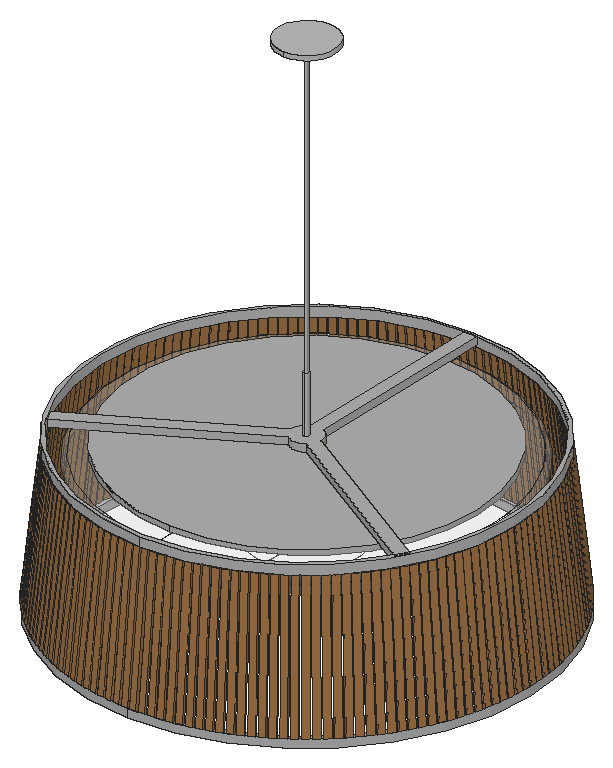
Revit family "Haworth_Solis Drum_Light_Large", category Lighting Fixtures, Revit 2018
Family settings
  Round Connector Dimension = Use Diameter
  Part Type = Normal
  OmniClass Number = 23.80.70.11.14
  OmniClass Title = General Luminaries, Directional
  Work Plane-Based = No
  Always vertical = Yes
  Cut with Voids When Loaded = No
  Light Source = Yes
  Shared = No
  Room Calculation Point = No
Parameters (values of type "HCPL-SDP2-36")
  Size = "Verify Final Dim. w/Haworth"  # constant formula
  Emit from Circle Diameter = 24"
  Cords Finish = Haworth _ Paint _ Metallic Silver
  Chrome Finish = Haworth _ Metal _ Chrome
  Base Radius = 18"  # constant formula
  Top Radius = 17 205/256"  # constant formula
  Wattage Comments = ""
  Wattage = 80 W
  Warranty = "https://www.haworth.com/resources/product-info/warranties"
  built-in parameter 1150110 = 1 (stored number, unit not read)
  URL - Product = "https://www.haworth.com/products/lighting/pendant/solis-drum"
  URL = "https://www.haworth.com/our-brands/haworth-collection"
  built-in parameter 1114217 = 1 (stored number, unit not read)
  Tilt Angle = 90.00°
  built-in parameter 1150109 = 1 (stored number, unit not read)
  built-in parameter 1150134 = (empty or 0)
  built-in parameter 1150113 = 1 (stored number, unit not read)
  Revision Number = "1"  # constant formula
  Photometric Web File = "generic"
  built-in parameter 1150142 = (empty or 0)
  Model = "HCPL-SDP2-36"
  Manufacturer = "Haworth"  # constant formula
  built-in parameter 1150105 = 452 (stored number, unit not read)
  Lumens = 5680 lm
  built-in parameter 1150115 = 1 (stored number, unit not read)
  built-in parameter 1150137 = (empty or 0)
  built-in parameter 1150139 = (empty or 0)
  built-in parameter 1150112 = 1 (stored number, unit not read)
  built-in parameter 1150114 = 1 (stored number, unit not read)
  Lamp Finish [instance] = Haworth _ Polyester _ Brown
  built-in parameter 1150132 = (empty or 0)
  built-in parameter 1150102 = (empty or 0)
  built-in parameter 1150107 = 2700 (stored number, unit not read)
  built-in parameter 1150138 = (empty or 0)
  built-in parameter 1150106 = 113 (stored number, unit not read)
  Glass Finish = Haworth _ Acrylic _ Clear
  Emit Shape Visible in Rendering = no
  built-in parameter 1150104 = 6.5961 (stored number, unit not read)
  Dimming Lamp Color Temperature Shift = Incandescent Lamp Curve
  Description = "Haworth Solis Drum Light Large Pendant Light\""
  Color Filter = 16777215
  built-in parameter 1114218 = 1 (stored number, unit not read)
  Author = "Haworth (Abd Rahman)"  # constant formula
  built-in parameter 1150133 = 2 (stored number, unit not read)
  Assembly Code = "D5020200"
  Actual Width = 36"  # constant formula
  Actual Height = 12"  # constant formula
  Actual Depth = 36"  # constant formula
Reference planes (in)
  plane 1 "Center F/B": y = 8.82887
  plane 2 "Base": z = 0
  plane 3 "Center L/R": x = -16.34139
  plane 4 "Cord Top": z = 120
  plane 5: y = 26.82887
  plane 6: y = -9.17113
  plane 7 "Bottom": z = 78.84292
  plane 8 "Cord": z = 119.65394
  plane 9: z = 90.84292
  plane 10 "Bottom Lamp": z = 84.09292
  plane 11: x = 1.65861
  plane 12: x = -34.34139
Forms (in)
  Extrusion 1, solid, material "Haworth _ Metal _ Chrome" <- "Chrome Finish", not visible
    sketch origin (-0.25, 0.05469, 78.84292) x (0, -1, 0) y (1, 0, 0)
      loop
        circle (-8.80391, -16.0922) r 17.96795
      loop
        circle (-8.80391, -16.0922) r 17.6803
    from 0 to 0.12755
  Extrusion 2, solid, material "Haworth _ Metal _ Chrome" <- "Chrome Finish"
    sketch origin (0.03549, 0.45778, 78.84292) x (0, -1, 0) y (1, 0, 0)
      loop
        circle (-8.37109, -16.37689) r 13.75
    from 12.04527 to 11.64763
  Extrusion 3, solid, material "Haworth _ Paint _ Metallic Silver" <- "Cords Finish"
    sketch origin (0, 0, 120) x (0, -1, 0) y (1, 0, 0)
      loop
        circle (-8.82887, -16.34139) r 2.26953
    from -0.34606 to 0
  Extrusion 4, solid, material "Haworth _ Paint _ Metallic Silver" <- "Cords Finish"
    sketch origin (-0.2492, 0, 119.65394) x (0, -1, 0) y (1, 0, 0)
      loop
        circle (-8.80391, -16.0922) r 0.37244
    from -0.21655 to 0
  Extrusion 5, solid, material "Haworth _ Paint _ Metallic Silver" <- "Cords Finish"
    sketch origin (-0.2492, 0, 119.65394) x (0, -1, 0) y (1, 0, 0)
      loop
        circle (-8.80391, -16.0922) r 0.12504
    from -23.69029 to -0.21655
  Extrusion 6, solid, material "Haworth _ Paint _ Metallic Silver" <- "Cords Finish"
    sketch origin (-0.2492, 0, 119.65394) x (0, -1, 0) y (1, 0, 0)
      loop
        circle (-8.80391, -16.0922) r 0.20512
    from -28.18831 to -23.69029
  Revolve 7, solid, material "Haworth _ Polyester _ Brown" <- "Lamp Finish"
    sketch origin (0, 8.82887, 0.44531) x (1, 0, 0) y (0, 0, 1)
      loop
        line (0.38095, 90.24799) -> (0.24526, 90.24799) -> (1.5235, 79.22516) -> (1.64092, 79.22516) -> (0.38095, 90.24799)
      axis (-16.34139, 79.22516) -> (-16.34139, 90.24799)
    angle from 0 to 360
  Extrusion 8, void
    sketch origin (68.83043, 65.32401, 90.88819) x (0, 1, 0) y (-1, 0, 0)
      loop
        line (-40.86216, 90.41634) -> (-39.42463, 90.89861) -> (-39.48622, 91.07899) -> (-40.90071, 90.52976) -> (-40.86216, 90.41634)
      loop
        line (-41.07316, 91.0077) -> (-39.65503, 91.54434) -> (-39.72344, 91.72225) -> (-41.116, 91.11957) -> (-41.07316, 91.0077)
      loop
        line (-39.90984, 92.18084) -> (-39.98498, 92.35601) -> (-41.35358, 91.70075) -> (-41.30652, 91.59059) -> (-39.90984, 92.18084)
      loop
        line (-40.1887, 92.80717) -> (-40.27045, 92.97936) -> (-41.61312, 92.27247) -> (-41.56191, 92.16418) -> (-40.1887, 92.80717)
      loop
        line (-40.49121, 93.42243) -> (-40.57945, 93.59138) -> (-41.89424, 92.83389) -> (-41.83893, 92.72763) -> (-40.49121, 93.42243)
      loop
        line (-42.13721, 93.28012) -> (-40.81691, 94.02573) -> (-40.91153, 94.1912) -> (-42.19652, 93.3842) -> (-42.13721, 93.28012)
      loop
        line (-42.51954, 93.92261) -> (-42.45631, 93.82086) -> (-41.16535, 94.61619) -> (-41.2662, 94.77794) -> (-42.51954, 93.92261)
      loop
        line (-42.79576, 94.34906) -> (-41.53602, 95.19296) -> (-41.64294, 95.35076) -> (-42.86282, 94.44832) -> (-42.79576, 94.34906)
      loop
        line (-43.15508, 94.86395) -> (-41.92838, 95.7552) -> (-42.04124, 95.90881) -> (-43.22586, 94.96059) -> (-43.15508, 94.86395)
      loop
        line (-43.53374, 95.36479) -> (-42.34186, 96.30209) -> (-42.46048, 96.45129) -> (-43.60815, 95.45866) -> (-43.53374, 95.36479)
      loop
        line (-49.36095, 100.03782) -> (-48.70491, 101.40484) -> (-48.87719, 101.4864) -> (-49.46914, 100.08923) -> (-49.36095, 100.03782)
      loop
        line (-49.93208, 100.29865) -> (-49.32857, 101.68964) -> (-49.50383, 101.76458) -> (-50.04215, 100.3459) -> (-49.93208, 100.29865)
      loop
        line (-50.51272, 100.53754) -> (-49.9626, 101.95052) -> (-50.14059, 102.01872) -> (-50.62452, 100.58057) -> (-50.51272, 100.53754)
      loop
        line (-51.10204, 100.75416) -> (-50.60611, 102.18705) -> (-50.78657, 102.24844) -> (-51.21539, 100.7929) -> (-51.10204, 100.75416)
      loop
        line (-51.69918, 100.94818) -> (-51.25817, 102.39892) -> (-51.44083, 102.45338) -> (-51.81393, 100.98258) -> (-51.69918, 100.94818)
      loop
        line (-52.30327, 101.11934) -> (-51.91781, 102.5858) -> (-52.10353, 102.63357) -> (-52.41901, 101.14927) -> (-52.30327, 101.11934)
      loop
        line (-53.03048, 101.29292) -> (-52.91345, 101.26737) -> (-52.58409, 102.74743) -> (-52.77037, 102.78785) -> (-53.03048, 101.29292)
      loop
        line (-53.52881, 101.39205) -> (-53.25604, 102.88359) -> (-53.44372, 102.91688) -> (-53.64673, 101.41314) -> (-53.52881, 101.39205)
      loop
        line (-54.14848, 101.49321) -> (-53.93269, 102.99407) -> (-54.1215, 103.02019) -> (-54.26711, 101.5098) -> (-54.14848, 101.49321)
      loop
        line (-72.70859, 88.17472) -> (-72.68638, 88.29243) -> (-74.17526, 88.57939) -> (-74.21034, 88.39204) -> (-72.70859, 88.17472)
      loop
        line (-72.58251, 88.7898) -> (-72.55584, 88.90658) -> (-74.03272, 89.25002) -> (-74.0749, 89.06413) -> (-72.58251, 88.7898)
      loop
        line (-72.43311, 89.39964) -> (-72.40201, 89.51532) -> (-73.86475, 89.91473) -> (-73.91397, 89.73058) -> (-72.43311, 89.39964)
      loop
        line (-72.26061, 90.00334) -> (-72.22512, 90.11776) -> (-73.67159, 90.57257) -> (-73.72779, 90.39043) -> (-72.26061, 90.00334)
      loop
        line (-72.06524, 90.60004) -> (-72.02542, 90.71302) -> (-73.45353, 91.22257) -> (-73.51662, 91.0427) -> (-72.06524, 90.60004)
      loop
        line (-71.8473, 91.18887) -> (-71.80321, 91.30025) -> (-73.21088, 91.8638) -> (-73.28077, 91.68647) -> (-71.8473, 91.18887)
      loop
        line (-73.02059, 92.32078) -> (-71.60709, 91.76898) -> (-71.5588, 91.8786) -> (-72.94398, 92.49532) -> (-73.02059, 92.32078)
      loop
        line (-72.73644, 92.94474) -> (-71.34498, 92.33952) -> (-71.29254, 92.44722) -> (-72.65326, 93.11624) -> (-72.73644, 92.94474)
      loop
        line (-72.42875, 93.55742) -> (-71.06134, 92.89967) -> (-71.00484, 93.00529) -> (-72.33908, 93.72563) -> (-72.42875, 93.55742)
      loop
        line (-70.75657, 93.44861) -> (-70.69609, 93.55201) -> (-72.00195, 94.32261) -> (-72.09795, 94.15795) -> (-70.75657, 93.44861)
      loop
        line (-70.36676, 94.08657) -> (-71.64233, 94.90634) -> (-71.74453, 94.74544) -> (-70.43113, 93.98555) -> (-70.36676, 94.08657)
      loop
        line (-70.08548, 94.50972) -> (-70.01731, 94.60821) -> (-71.26076, 95.47595) -> (-71.369, 95.31905) -> (-70.08548, 94.50972)
      loop
        line (-69.72013, 95.02034) -> (-69.64826, 95.11617) -> (-70.85777, 96.03062) -> (-70.97191, 95.87796) -> (-69.72013, 95.02034)
      loop
        line (-69.3356, 95.51669) -> (-69.26013, 95.60971) -> (-70.43396, 96.56954) -> (-70.55382, 96.42134) -> (-69.3356, 95.51669)
      loop
        line (-68.93246, 95.99803) -> (-68.8535, 96.08812) -> (-69.98993, 97.09194) -> (-70.11535, 96.94841) -> (-68.93246, 95.99803)
      loop
        line (-68.51128, 96.46368) -> (-68.42896, 96.5507) -> (-69.52634, 97.59705) -> (-69.65714, 97.4584) -> (-68.51128, 96.46368)
      loop
        line (-68.07268, 96.91296) -> (-67.98711, 96.99678) -> (-69.04386, 98.08415) -> (-69.17984, 97.95058) -> (-68.07268, 96.91296)
      loop
        line (-67.6173, 97.34521) -> (-67.52859, 97.42572) -> (-68.54318, 98.55253) -> (-68.68415, 98.42423) -> (-67.6173, 97.34521)
      loop
        line (-67.14578, 97.75981) -> (-67.05407, 97.83688) -> (-68.02502, 99.0015) -> (-68.17078, 98.87867) -> (-67.14578, 97.75981)
      loop
        line (-66.65883, 98.15617) -> (-66.56425, 98.22968) -> (-67.49016, 99.43042) -> (-67.64049, 99.31323) -> (-66.65883, 98.15617)
      loop
        line (-66.05983, 98.60355) -> (-66.93936, 99.83868) -> (-67.09403, 99.72729) -> (-66.15714, 98.53369) -> (-66.05983, 98.60355)
      loop
        line (-65.64144, 98.89184) -> (-65.54154, 98.95795) -> (-66.37341, 100.22567) -> (-66.53221, 100.12024) -> (-65.64144, 98.89184)
      loop
        line (-54.89073, 101.58278) -> (-54.77155, 101.57072) -> (-54.61305, 103.0787) -> (-54.80272, 103.09762) -> (-54.89073, 101.58278)
      loop
        line (-68.8535, 74.25554) -> (-69.98993, 73.25172) -> (-69.86298, 73.10954) -> (-68.77385, 74.16607) -> (-68.8535, 74.25554)
      loop
        line (-68.42895, 73.79296) -> (-69.52634, 72.7466) -> (-69.39407, 72.60936) -> (-68.34595, 73.70659) -> (-68.42895, 73.79296)
      loop
        line (-67.9871, 73.34688) -> (-69.04386, 72.2595) -> (-68.90645, 72.12739) -> (-67.90087, 73.26373) -> (-67.9871, 73.34688)
      loop
        line (-67.52858, 72.91795) -> (-68.54318, 71.79113) -> (-68.40085, 71.66434) -> (-67.43925, 72.83814) -> (-67.52858, 72.91795)
      loop
        line (-67.05407, 72.50678) -> (-68.02502, 71.34216) -> (-67.87798, 71.22088) -> (-66.96177, 72.43043) -> (-67.05407, 72.50678)
      loop
        line (-66.56425, 72.11398) -> (-67.49017, 70.91322) -> (-67.3386, 70.79764) -> (-66.46911, 72.04119) -> (-66.56425, 72.11398)
      loop
        line (-66.93935, 70.50498) -> (-66.7835, 70.39524) -> (-65.96198, 71.671) -> (-66.05983, 71.7401) -> (-66.93935, 70.50498)
      loop
        line (-66.37341, 70.11799) -> (-66.21349, 70.01427) -> (-65.44113, 71.32037) -> (-65.54155, 71.3857) -> (-66.37341, 70.11799)
      loop
        line (-65.79314, 69.75283) -> (-65.62939, 69.65527) -> (-64.90731, 70.98984) -> (-65.01014, 71.05129) -> (-65.79314, 69.75283)
      loop
        line (-64.46639, 70.73735) -> (-65.19939, 69.41002) -> (-65.03204, 69.31877) -> (-64.3613, 70.67986) -> (-64.46639, 70.73735)
      loop
        line (-63.80387, 70.3909) -> (-63.91107, 70.44436) -> (-64.59301, 69.09007) -> (-64.42231, 69.00526) -> (-63.80387, 70.3909)
      loop
        line (-63.34501, 70.1727) -> (-63.9749, 68.79345) -> (-63.80109, 68.71519) -> (-63.23586, 70.12336) -> (-63.34501, 70.1727)
      loop
        line (-62.76902, 69.9228) -> (-63.34594, 68.52055) -> (-63.16928, 68.44897) -> (-62.65806, 69.87765) -> (-62.76902, 69.9228)
      loop
        line (-62.18393, 69.695) -> (-62.70705, 68.27181) -> (-62.52779, 68.20701) -> (-62.07134, 69.65411) -> (-62.18393, 69.695)
      loop
        line (-61.59059, 69.48965) -> (-62.05915, 68.04757) -> (-61.87755, 67.98964) -> (-61.47652, 69.45307) -> (-61.59059, 69.48965)
      loop
        line (-60.98986, 69.30703) -> (-61.40318, 67.84816) -> (-61.21951, 67.79718) -> (-60.87449, 69.27482) -> (-60.98986, 69.30703)
      loop
        line (-60.38262, 69.14741) -> (-60.7401, 67.67386) -> (-60.55462, 67.62992) -> (-60.2661, 69.11962) -> (-60.38262, 69.14741)
      loop
        line (-59.76974, 69.01103) -> (-60.07086, 67.52494) -> (-59.88385, 67.48809) -> (-59.65225, 68.98769) -> (-59.76974, 69.01103)
      loop
        line (-59.15212, 68.89808) -> (-59.39644, 67.40162) -> (-59.20816, 67.3719) -> (-59.03382, 68.87923) -> (-59.15212, 68.89808)
      loop
        line (-58.53064, 68.80872) -> (-58.71781, 67.30404) -> (-58.52854, 67.28152) -> (-58.41171, 68.79439) -> (-58.53064, 68.80872)
      loop
        line (-57.90621, 68.74308) -> (-58.03596, 67.23237) -> (-57.84597, 67.21707) -> (-57.78682, 68.7333) -> (-57.90621, 68.74308)
      loop
        line (-57.16005, 68.69604) -> (-57.27973, 68.70127) -> (-57.35188, 67.18671) -> (-57.16144, 67.17866) -> (-57.16005, 68.69604)
      loop
        line (-56.65212, 68.68334) -> (-56.66655, 67.16713) -> (-56.47594, 67.16634) -> (-56.53233, 68.68267) -> (-56.65212, 68.68334)
      loop
        line (-40.00689, 84.97767) -> (-40.00891, 84.85789) -> (-38.49289, 84.82902) -> (-38.49027, 85.01962) -> (-40.00689, 84.97767)
      loop
        line (-41.03121, 79.44816) -> (-41.07317, 79.33596) -> (-39.65502, 78.79932) -> (-39.58852, 78.97795) -> (-41.03121, 79.44816)
      loop
        line (-72.81116, 87.55529) -> (-72.79345, 87.67376) -> (-74.29217, 87.90383) -> (-74.32009, 87.71527) -> (-72.81116, 87.55529)
      loop
        line (-40.02643, 84.3501) -> (-40.03281, 84.23048) -> (-38.49202, 84.14237) -> (-38.48939, 84.33407) -> (-40.02643, 84.3501)
      loop
        line (-40.06965, 83.72372) -> (-40.08057, 83.60443) -> (-38.56803, 83.46) -> (-38.56541, 83.65069) -> (-40.06965, 83.72372)
      loop
        line (-40.13669, 83.09944) -> (-40.15214, 82.98065) -> (-38.68029, 82.78331) -> (-38.65614, 82.97092) -> (-40.13669, 83.09944)
      loop
        line (-40.22745, 82.47816) -> (-40.24741, 82.36005) -> (-38.78413, 82.10682) -> (-38.75286, 82.29337) -> (-40.22745, 82.47816)
      loop
        line (-40.34179, 81.86079) -> (-40.36625, 81.74353) -> (-38.91366, 81.43477) -> (-38.87531, 81.61999) -> (-40.34179, 81.86079)
      loop
        line (-40.47956, 81.24822) -> (-40.50846, 81.13197) -> (-39.06868, 80.76814) -> (-39.02331, 80.95177) -> (-40.47956, 81.24822)
      loop
        line (-40.64054, 80.64134) -> (-40.67385, 80.52628) -> (-39.24896, 80.10789) -> (-39.19663, 80.28966) -> (-40.64054, 80.64134)
      loop
        line (-40.82452, 80.04103) -> (-40.86218, 79.92732) -> (-39.45425, 79.45499) -> (-39.39504, 79.63464) -> (-40.82452, 80.04103)
      loop
        line (-42.07871, 77.16807) -> (-42.13721, 77.06353) -> (-40.84412, 76.33329) -> (-40.75198, 76.49849) -> (-42.07871, 77.16807)
      loop
        line (-41.26032, 78.86359) -> (-41.30653, 78.75307) -> (-39.93862, 78.17499) -> (-39.86591, 78.34961) -> (-41.26032, 78.86359)
      loop
        line (-41.51153, 78.28816) -> (-41.56191, 78.17948) -> (-40.217, 77.54974) -> (-40.1377, 77.72146) -> (-41.51153, 78.28816)
      loop
        line (-41.78446, 77.72271) -> (-41.83893, 77.61603) -> (-40.51898, 76.93554) -> (-40.4332, 77.10413) -> (-41.78446, 77.72271)
      loop
        line (-42.39387, 76.62503) -> (-42.45631, 76.5228) -> (-41.19196, 75.74385) -> (-41.0936, 75.90542) -> (-42.39387, 76.62503)
      loop
        line (-42.72948, 76.09438) -> (-42.79575, 75.99459) -> (-41.56198, 75.16809) -> (-41.45754, 75.32579) -> (-42.72948, 76.09438)
      loop
        line (-43.08504, 75.57689) -> (-43.15507, 75.4797) -> (-41.95366, 74.60682) -> (-41.84329, 74.76044) -> (-43.08504, 75.57689)
      loop
        line (-43.85396, 74.58438) -> (-43.93119, 74.49281) -> (-42.79966, 73.53104) -> (-42.67792, 73.67581) -> (-43.85396, 74.58438)
      loop
        line (-43.46005, 75.07331) -> (-43.53373, 74.97886) -> (-42.36642, 74.06088) -> (-42.25028, 74.21018) -> (-43.46005, 75.07331)
      loop
        line (-44.26619, 74.11079) -> (-44.34685, 74.02223) -> (-43.25276, 73.01808) -> (-43.1256, 73.15812) -> (-44.26619, 74.11079)
      loop
        line (-44.69616, 73.65325) -> (-44.78013, 73.56782) -> (-43.72506, 72.52275) -> (-43.59267, 72.65784) -> (-44.69616, 73.65325)
      loop
        line (-45.14324, 73.2124) -> (-45.2304, 73.13023) -> (-44.19453, 72.02293) -> (-44.05603, 72.15389) -> (-45.14324, 73.2124)
      loop
        line (-46.08609, 72.38335) -> (-46.17925, 72.30805) -> (-45.25019, 71.14952) -> (-45.10325, 71.26863) -> (-46.08609, 72.38335)
      loop
        line (-45.60677, 72.7889) -> (-45.697, 72.71011) -> (-44.7245, 71.58779) -> (-44.58221, 71.71241) -> (-45.60677, 72.7889)
      loop
        line (-46.5805, 71.99634) -> (-46.67646, 71.92464) -> (-45.79218, 70.73158) -> (-45.64082, 70.84502) -> (-46.5805, 71.99634)
      loop
        line (-47.08929, 71.62843) -> (-47.18791, 71.56044) -> (-46.34969, 70.33458) -> (-46.19412, 70.44217) -> (-47.08929, 71.62843)
      loop
        line (-47.61171, 71.28016) -> (-47.71285, 71.21597) -> (-46.92191, 69.95909) -> (-46.76235, 70.06068) -> (-47.61171, 71.28016)
      loop
        line (-48.14702, 70.95204) -> (-48.25053, 70.89174) -> (-47.49239, 69.57861) -> (-47.32782, 69.67479) -> (-48.14702, 70.95204)
      loop
        line (-48.69443, 70.64453) -> (-48.80015, 70.58821) -> (-48.09256, 69.24716) -> (-47.92445, 69.33701) -> (-48.69443, 70.64453)
      loop
        line (-49.25315, 70.35808) -> (-49.36094, 70.30583) -> (-48.70491, 68.93881) -> (-48.53351, 69.0222) -> (-49.25315, 70.35808)
      loop
        line (-49.82237, 70.09311) -> (-49.93207, 70.045) -> (-49.32857, 68.65401) -> (-49.15411, 68.73081) -> (-49.82237, 70.09311)
      loop
        line (-50.989, 69.62911) -> (-51.10204, 69.5895) -> (-50.60611, 68.15661) -> (-50.42632, 68.21991) -> (-50.989, 69.62911)
      loop
        line (-50.40127, 69.85001) -> (-50.51272, 69.80611) -> (-49.9626, 68.39314) -> (-49.78535, 68.46325) -> (-50.40127, 69.85001)
      loop
        line (-51.58471, 69.43076) -> (-51.69918, 69.39548) -> (-51.25817, 67.94475) -> (-51.07609, 68.00116) -> (-51.58471, 69.43076)
      loop
        line (-52.18754, 69.25523) -> (-52.30328, 69.22433) -> (-51.91781, 67.75785) -> (-51.73372, 67.8073) -> (-52.18754, 69.25523)
      loop
        line (-52.79662, 69.10277) -> (-52.91345, 69.0763) -> (-52.58409, 67.59622) -> (-52.39825, 67.63862) -> (-52.79662, 69.10277)
      loop
        line (-54.02998, 68.86795) -> (-54.14848, 68.85044) -> (-53.93269, 67.34959) -> (-53.74417, 67.37772) -> (-54.02998, 68.86795)
      loop
        line (-53.41106, 68.97362) -> (-53.52881, 68.95161) -> (-53.25604, 67.46006) -> (-53.06873, 67.49536) -> (-53.41106, 68.97362)
      loop
        line (-54.65246, 68.78592) -> (-54.77155, 68.77294) -> (-54.61305, 67.26496) -> (-54.42359, 67.28589) -> (-54.65246, 68.78592)
      loop
        line (-55.27762, 68.72764) -> (-55.39711, 68.71921) -> (-55.29614, 67.20628) -> (-55.10603, 67.21999) -> (-55.27762, 68.72764)
      loop
        line (-55.90455, 68.69321) -> (-56.02427, 68.68933) -> (-55.98097, 67.17367) -> (-55.79047, 67.18012) -> (-55.90455, 68.69321)
      loop
        line (-72.40201, 80.82834) -> (-73.86474, 80.42893) -> (-73.81356, 80.24532) -> (-72.37001, 80.7129) -> (-72.40201, 80.82834)
      loop
        line (-72.22512, 80.2259) -> (-73.67159, 79.77109) -> (-73.61344, 79.58957) -> (-72.18875, 80.11177) -> (-72.22512, 80.2259)
      loop
        line (-72.02542, 79.63064) -> (-73.45353, 79.12109) -> (-73.38851, 78.94191) -> (-71.98473, 79.51797) -> (-72.02542, 79.63064)
      loop
        line (-71.80321, 79.0434) -> (-73.21088, 78.47986) -> (-73.13909, 78.30328) -> (-71.75826, 78.93237) -> (-71.80321, 79.0434)
      loop
        line (-71.5588, 78.46506) -> (-72.94399, 77.84833) -> (-72.86553, 77.67461) -> (-71.50965, 78.35581) -> (-71.5588, 78.46506)
      loop
        line (-71.29254, 77.89643) -> (-72.65326, 77.22742) -> (-72.56824, 77.05681) -> (-71.23928, 77.78914) -> (-71.29254, 77.89643)
      loop
        line (-72.33909, 76.61802) -> (-72.24765, 76.45078) -> (-70.94752, 77.23317) -> (-71.00485, 77.33836) -> (-72.33909, 76.61802)
      loop
        line (-72.00196, 76.02104) -> (-71.90421, 75.8574) -> (-70.63482, 76.68872) -> (-70.6961, 76.79164) -> (-72.00196, 76.02104)
      loop
        line (-71.64233, 75.43732) -> (-71.53843, 75.27752) -> (-70.30161, 76.15656) -> (-70.36677, 76.25707) -> (-71.64233, 75.43732)
      loop
        line (-70.01731, 75.73544) -> (-71.26076, 74.86771) -> (-71.15084, 74.71198) -> (-69.94838, 75.63747) -> (-70.01731, 75.73544)
      loop
        line (-69.64826, 75.22749) -> (-70.85777, 74.31304) -> (-70.742, 74.16161) -> (-69.57565, 75.13221) -> (-69.64826, 75.22749)
      loop
        line (-69.26013, 74.73394) -> (-70.43395, 73.77412) -> (-70.31251, 73.6272) -> (-69.18395, 74.6415) -> (-69.26013, 74.73394)
      loop
        line (-72.87688, 87.05146) -> (-74.38329, 87.2243) -> (-74.404, 87.03482) -> (-72.89007, 86.9324) -> (-72.87688, 87.05146)
      loop
        line (-72.93657, 86.42643) -> (-74.44845, 86.5418) -> (-74.46194, 86.35167) -> (-72.94521, 86.30695) -> (-72.93657, 86.42643)
      loop
        line (-72.97241, 85.79958) -> (-74.4876, 85.85731) -> (-74.49383, 85.6668) -> (-72.9765, 85.67987) -> (-72.97241, 85.79958)
      loop
        line (-72.98438, 85.17183) -> (-74.50065, 85.17183) -> (-74.49964, 84.98122) -> (-72.9839, 85.05204) -> (-72.98438, 85.17183)
      loop
        line (-72.97242, 84.54407) -> (-74.4876, 84.48635) -> (-74.47932, 84.29591) -> (-72.96739, 84.42439) -> (-72.97242, 84.54407)
      loop
        line (-72.93658, 83.91722) -> (-74.44846, 83.80186) -> (-74.43294, 83.61188) -> (-72.92699, 83.79782) -> (-72.93658, 83.91722)
      loop
        line (-74.38328, 83.11936) -> (-74.36054, 82.9301) -> (-72.86277, 83.17324) -> (-72.87688, 83.2922) -> (-74.38328, 83.11936)
      loop
        line (-74.29218, 82.43983) -> (-74.26225, 82.25158) -> (-72.77481, 82.55157) -> (-72.79345, 82.6699) -> (-74.29218, 82.43983)
      loop
        line (-74.17527, 81.76426) -> (-74.13819, 81.57729) -> (-72.66326, 81.93369) -> (-72.68638, 82.05122) -> (-74.17527, 81.76426)
      loop
        line (-72.55584, 81.43707) -> (-74.03272, 81.09364) -> (-73.98856, 80.90821) -> (-72.52826, 81.3205) -> (-72.55584, 81.43707)
      loop
        line (-65.11248, 99.2301) -> (-65.01013, 99.29236) -> (-65.79313, 100.59082) -> (-65.95584, 100.49153) -> (-65.11248, 99.2301)
      loop
        line (-64.57102, 99.54798) -> (-64.46638, 99.60629) -> (-65.19939, 100.93363) -> (-65.36575, 100.8406) -> (-64.57102, 99.54798)
      loop
        line (-64.01785, 99.84501) -> (-63.91107, 99.8993) -> (-64.59301, 101.25359) -> (-64.7628, 101.16695) -> (-64.01785, 99.84501)
      loop
        line (-63.45378, 100.12077) -> (-63.34501, 100.17095) -> (-63.9749, 101.55022) -> (-64.14786, 101.47011) -> (-63.45378, 100.12077)
      loop
        line (-62.87962, 100.37485) -> (-62.76902, 100.42086) -> (-63.34594, 101.82309) -> (-63.52182, 101.74964) -> (-62.87962, 100.37485)
      loop
        line (-62.2962, 100.60689) -> (-62.18393, 100.64865) -> (-62.70705, 102.07185) -> (-62.8856, 102.00513) -> (-62.2962, 100.60689)
      loop
        line (-61.70437, 100.81656) -> (-61.59059, 100.85402) -> (-62.05915, 102.29609) -> (-62.24011, 102.23622) -> (-61.70437, 100.81656)
      loop
        line (-60.98987, 101.03664) -> (-61.40318, 102.4955) -> (-61.5863, 102.44256) -> (-61.10499, 101.00353) -> (-60.98987, 101.03664)
      loop
        line (-60.49893, 101.16756) -> (-60.38262, 101.19626) -> (-60.7401, 102.66978) -> (-60.9251, 102.62386) -> (-60.49893, 101.16756)
      loop
        line (-59.88705, 101.30839) -> (-59.76974, 101.33263) -> (-60.07086, 102.81872) -> (-60.25747, 102.77987) -> (-59.88705, 101.30839)
      loop
        line (-59.27026, 101.42582) -> (-59.15212, 101.44558) -> (-59.39644, 102.94204) -> (-59.5844, 102.91034) -> (-59.27026, 101.42582)
      loop
        line (-58.64945, 101.51969) -> (-58.53064, 101.53493) -> (-58.71781, 103.03962) -> (-58.90684, 103.01509) -> (-58.64945, 101.51969)
      loop
        line (-58.02552, 101.58985) -> (-57.90621, 101.60056) -> (-58.03596, 103.11129) -> (-58.22578, 103.09397) -> (-58.02552, 101.58985)
      loop
        line (-57.39936, 101.63621) -> (-57.27973, 101.64237) -> (-57.35188, 103.15694) -> (-57.54222, 103.14686) -> (-57.39936, 101.63621)
      loop
        line (-56.77189, 101.6587) -> (-56.65212, 101.6603) -> (-56.66655, 103.17652) -> (-56.85714, 103.17369) -> (-56.77189, 101.6587)
      loop
        line (-56.02427, 101.65433) -> (-55.98097, 103.16999) -> (-56.17153, 103.17442) -> (-56.14403, 101.65729) -> (-56.02427, 101.65433)
      loop
        line (-55.51667, 101.63197) -> (-55.39711, 101.62445) -> (-55.29614, 103.13737) -> (-55.4864, 103.14905) -> (-55.51667, 101.63197)
      loop
        line (-43.93119, 95.85085) -> (-42.77586, 96.83285) -> (-42.90007, 96.97743) -> (-44.00912, 95.94182) -> (-43.93119, 95.85085)
      loop
        line (-44.34685, 96.32143) -> (-43.22975, 97.3467) -> (-43.35938, 97.48644) -> (-44.42819, 96.40937) -> (-44.34685, 96.32143)
      loop
        line (-44.78013, 96.77584) -> (-43.70286, 97.8429) -> (-43.83773, 97.9776) -> (-44.86476, 96.86062) -> (-44.78013, 96.77584)
      loop
        line (-45.23039, 97.21343) -> (-44.19453, 98.32072) -> (-44.33442, 98.45021) -> (-45.31819, 97.29492) -> (-45.23039, 97.21343)
      loop
        line (-45.69699, 97.63356) -> (-44.70405, 98.77948) -> (-44.84876, 98.90354) -> (-45.78783, 97.71165) -> (-45.69699, 97.63356)
      loop
        line (-46.17924, 98.03562) -> (-45.23064, 99.21852) -> (-45.37998, 99.33697) -> (-46.27299, 98.11019) -> (-46.17924, 98.03562)
      loop
        line (-46.77297, 98.48998) -> (-46.67646, 98.41902) -> (-45.77358, 99.63717) -> (-45.92731, 99.74986) -> (-46.77297, 98.48998)
      loop
        line (-47.18791, 98.78322) -> (-46.33205, 100.03487) -> (-46.48997, 100.14162) -> (-47.28705, 98.85045) -> (-47.18791, 98.78322)
      loop
        line (-47.71285, 99.12768) -> (-46.90527, 100.411) -> (-47.06713, 100.51167) -> (-47.81448, 99.19109) -> (-47.71285, 99.12768)
      loop
        line (-48.3545, 99.51141) -> (-48.25053, 99.45191) -> (-47.49238, 100.76506) -> (-47.65797, 100.85948) -> (-48.3545, 99.51141)
      loop
        line (-48.90632, 99.81093) -> (-48.80016, 99.75544) -> (-48.09256, 101.0965) -> (-48.26161, 101.18454) -> (-48.90632, 99.81093)
      loop
        line (-40.00891, 85.48576) -> (-38.49514, 85.51459) -> (-38.49514, 85.70534) -> (-40.01165, 85.60552) -> (-40.00891, 85.48576)
      loop
        line (-40.03281, 86.11318) -> (-38.51901, 86.19974) -> (-38.53089, 86.38998) -> (-40.04011, 86.23274) -> (-40.03281, 86.11318)
      loop
        line (-40.08058, 86.73923) -> (-38.57116, 86.88336) -> (-38.59029, 87.07301) -> (-40.09243, 86.85843) -> (-40.08058, 86.73923)
      loop
        line (-40.15215, 87.36301) -> (-38.64931, 87.5645) -> (-38.67565, 87.75328) -> (-40.16853, 87.48167) -> (-40.15215, 87.36301)
      loop
        line (-40.24742, 87.98361) -> (-38.75334, 88.24217) -> (-38.78685, 88.42981) -> (-40.2683, 88.10156) -> (-40.24742, 87.98361)
      loop
        line (-40.36625, 88.60013) -> (-38.88309, 88.91538) -> (-38.92372, 89.10162) -> (-40.3916, 88.7172) -> (-40.36625, 88.60013)
      loop
        line (-40.50846, 89.21168) -> (-39.03838, 89.58317) -> (-39.08607, 89.76772) -> (-40.53825, 89.32771) -> (-40.50846, 89.21168)
      loop
        line (-40.67385, 89.81738) -> (-39.21898, 90.24457) -> (-39.27366, 90.42717) -> (-40.70804, 89.93218) -> (-40.67385, 89.81738)
    from -11.21772 to 0
  Extrusion 9, solid, material "Haworth _ Metal _ Chrome" <- "Chrome Finish"
    sketch origin (-0.25, 0.03125, 76.87736) x (0, -1, 0) y (1, 0, 0)
      loop
        circle (-8.80391, -16.0922) r 16.72715
      loop
        circle (-8.80391, -16.0922) r 16.46754
    from 13.8489 to 14.58827
  Extrusion 10, solid, material "Haworth _ Metal _ Chrome" <- "Chrome Finish"
    sketch origin (-0.25, 0.05469, 79.09292) x (0, -1, 0) y (1, 0, 0)
      loop
        circle (-8.80391, -16.0922) r 17.6803
      loop
        circle (-8.80391, -16.0922) r 18.01177
    from -0.12249 to 0.5374
  Revolve 11, solid, material "Haworth _ Acrylic _ Clear" <- "Glass Finish"
    sketch origin (-16.34139, 0, 0) x (0, 1, 0) y (0, 0, 1)
      loop
        line (8.82887, 83.96039) -> (8.82887, 90.30658) -> (-6.23202, 90.30658)
        arc (-6.23202, 90.30658) -> (-6.62951, 89.82179) -> (-6.44818, 89.22168) r 0.6659
        arc (-6.44818, 89.22168) -> (-1.37597, 85.47533) -> (4.75338, 83.99431) r 15.90592
        arc (4.75338, 83.99431) -> (6.79087, 83.94757) -> (8.82887, 83.96039) r 69.74984
      axis (8.82887, 83.96039) -> (8.82887, 90.30658)
    angle from 0 to 360
  Extrusion 12, solid, material "Haworth _ Metal _ Chrome" <- "Chrome Finish"
    sketch origin (0, 0, 0) x (1, 0, 0) y (0, 1, 0)
      loop
        arc (-17.04249, 7.84674) -> (-16.34139, 7.62217) -> (-15.6403, 7.84674) r 1.2067
        line (-15.6403, 7.84674) -> (-2.31852, 0.1554)
        arc (-2.31852, 0.1554) -> (-2.06277, 0.5851) -> (-1.81852, 1.02143) r 18.83722
        line (-1.81852, 1.02143) -> (-15.1403, 8.71276)
        arc (-15.1403, 8.71276) -> (-15.29637, 9.43221) -> (-15.84139, 9.9271) r 1.2067
        line (-15.84139, 9.9271) -> (-15.84139, 25.30977)
        arc (-15.84139, 25.30977) -> (-16.34139, 25.31708) -> (-16.84139, 25.30977) r 17.08874
        line (-16.84139, 25.30977) -> (-16.84139, 9.9271)
        arc (-16.84139, 9.9271) -> (-17.38642, 9.43221) -> (-17.54249, 8.71276) r 1.20669
        line (-17.54249, 8.71276) -> (-30.8634, 1.02194)
        arc (-30.8634, 1.02194) -> (-30.6199, 0.58517) -> (-30.3634, 0.15591) r 16.65066
        line (-30.3634, 0.15591) -> (-17.04249, 7.84674)
    from 90.88819 to 91.46563
Cuts and joins
  joined: Extrusion 3, Extrusion 4, Extrusion 5, Extrusion 6
  Extrusion 8 cuts Revolve 7
Lines and regions (in)
  Masking region 1
    outline origin (0, -1.39874, 90.88819) x (0, 1, 0) y (-1, 0, 0)
      loop
        circle (10.2276, 16.34139) r 17.98231
  symbolic lines, style "Haworth"
    curve 1: circle (-16.34139, 8.82887, 90.88819) r 16.72234 normal (0, 0, 1)
    curve 2: circle (-16.34139, 8.82887, 90.88819) r 15.5 normal (0, 0, 1)
    curve 3: circle (-16.34139, 8.82887, 90.88819) r 15.06089 normal (0, 0, 1)
    curve 4: arc (-16.34139, 6.55934, 0) -> (-14.07186, 8.82887, 0) -> (-16.34139, 11.0984, 0) r 2.26953
    curve 5: arc (-16.34139, 11.0984, 0) -> (-18.61092, 8.82887, 0) -> (-16.34139, 6.55934, 0) r 2.26953
    curve 6: line (-16.84139, 25.29514, 0) -> (-16.84139, 11.04263, 0)
    curve 7: line (-15.84139, 11.04264, 0) -> (-15.84139, 25.29509, 0)
    curve 8: line (-1.83986, 1.03375, 0) -> (-14.17421, 8.15499, 0)
    curve 9: line (-14.67421, 7.28897, 0) -> (-2.34012, 0.16788, 0)
    curve 10: line (-30.34385, 0.1672, 0) -> (-18.00857, 7.28897, 0)
    curve 11: line (-18.50857, 8.155, 0) -> (-30.84416, 1.03304, 0)
    curve 12: arc (-30.34385, 0.1672, 0) -> (-30.60058, 0.59632, 0) -> (-30.84416, 1.03304, 0) r 16.46754
    curve 13: arc (-1.83986, 1.03375, 0) -> (-2.08341, 0.59702, 0) -> (-2.34012, 0.16788, 0) r 16.46754
    curve 14: arc (-16.84139, 25.29514, 0) -> (-16.59182, 25.30081, 0) -> (-16.3422, 25.3027, 0) r 16.46754
    curve 15: arc (-16.3422, 25.3027, 0) -> (-16.09177, 25.3008, 0) -> (-15.84139, 25.29509, 0) r 16.46754
Dimensions and locks (in)
  plane 5 to plane 6 = 36"
  "Actual Height": plane 9 to plane 7 "Bottom"
  "Actual Width": plane 12 to plane 11
  "Actual Depth": plane 5 to plane 6
  aligned and locked: Extrusion 3 to plane 8 "Cord"
  aligned and locked: Extrusion 3 to plane 4 "Cord Top"
  aligned and locked: plane 8 "Cord" to Extrusion 4
  aligned and locked: Revolve 11 sketch curve to plane 1 "Center F/B"
Automatic sketch dimensions
  Extrusion 1 sketch curve to Extrusion 1 sketch curve = 0"  (x2)
  Extrusion 1 sketch curve to plane 3 "Center L/R" = 0.0008"
  Extrusion 1 sketch curve to plane 1 "Center F/B" = 0.02973"
  plane 1 "Center F/B" to Extrusion 3 sketch curve = 0"
  Extrusion 3 sketch curve to plane 3 "Center L/R" = 0"
  Extrusion 4 sketch curve to plane 3 "Center L/R" = 0"
  plane 1 "Center F/B" to Extrusion 4 sketch curve = 0.02495"
  Extrusion 5 sketch curve to plane 3 "Center L/R" = 0"
  plane 1 "Center F/B" to Extrusion 5 sketch curve = 0.02495"
  Extrusion 6 sketch curve to plane 3 "Center L/R" = 0"
  plane 1 "Center F/B" to Extrusion 6 sketch curve = 0.02495"
  Revolve 7 sketch curve to plane 3 "Center L/R" = 0"
  Revolve 7 sketch curve to plane 9 = 0.14961"
  Revolve 7 sketch curve to Revolve 7 sketch curve = 0.13569"
  Revolve 7 sketch curve to Revolve 7 sketch curve = 0.11742"
  Revolve 7 sketch curve to plane 7 "Bottom" = 4.17245"
  Extrusion 10 sketch curve to Extrusion 10 sketch curve = 0"  (x2)
  Extrusion 10 sketch curve to plane 3 "Center L/R" = 0.0008"
  Extrusion 10 sketch curve to plane 1 "Center F/B" = 0.02973"
  Extrusion 9 sketch curve to Extrusion 9 sketch curve = 0"  (x4)
  Extrusion 9 sketch curve to plane 3 "Center L/R" = 0.0008"
  Extrusion 9 sketch curve to plane 1 "Center F/B" = 0.0063"
  Revolve 11 sketch curve to plane 1 "Center F/B" = 0"
  plane 1 "Center F/B" to Revolve 11 sketch curve = 1.45752"
  plane 1 "Center F/B" to Revolve 11 sketch curve = 3.47848"
  Revolve 11 sketch curve to plane 9 = 1.15124"
  plane 6 to Revolve 11 sketch curve = 3.19469"
  Revolve 11 sketch curve to Revolve 11 sketch curve = 0.25557"
  Revolve 11 sketch curve to plane 10 "Bottom Lamp" = 0.13253"
  Revolve 11 sketch curve to plane 9 = 0.53634"
  Revolve 11 sketch curve to plane 10 "Bottom Lamp" = 0.09861"
  Revolve 11 sketch curve to Revolve 11 sketch curve = 0"
  Revolve 11 sketch curve to Revolve 11 sketch curve = 0.47173"
  Revolve 11 sketch curve to Revolve 11 sketch curve = 1.58008"
  Extrusion 12 sketch curve to Extrusion 12 sketch curve = 1/2"  (x3)
  Extrusion 12 sketch curve to plane 3 "Center L/R" = 2.03489"
  plane 1 "Center F/B" to Extrusion 12 sketch curve = 0.1161"  (x2)
  Extrusion 12 sketch curve to plane 3 "Center L/R" = 1.2011"
  Extrusion 12 sketch curve to plane 3 "Center L/R" = 0.7011"
  plane 1 "Center F/B" to Extrusion 12 sketch curve = 0"  (x2)
  Extrusion 12 sketch curve to plane 3 "Center L/R" = 0"  (x4)
  plane 3 "Center L/R" to Extrusion 12 sketch curve = 0.14138"
  plane 3 "Center L/R" to Extrusion 12 sketch curve = 1/2"  (x2)
  plane 3 "Center L/R" to Extrusion 12 sketch curve = 0.70109"
  Extrusion 12 sketch curve to Extrusion 12 sketch curve = 0.60053"
  Extrusion 12 sketch curve to Extrusion 12 sketch curve = 0.3816"
  plane 1 "Center F/B" to Extrusion 12 sketch curve = 7.80693"
  plane 1 "Center F/B" to Extrusion 12 sketch curve = 7.80744"
  Extrusion 12 sketch curve to Extrusion 12 sketch curve = 0.86603"
  Extrusion 12 sketch curve to Extrusion 12 sketch curve = 0.86602"
  Extrusion 12 sketch curve to plane 1 "Center F/B" = 0"
  Extrusion 12 sketch curve to plane 5 = 1.5191"
  Extrusion 12 sketch curve to Extrusion 12 sketch curve = 0"
  Extrusion 8 sketch curve to plane 3 "Center L/R" = 0"
  Extrusion 8 sketch curve to plane 6 = 0.00551"
  Extrusion 8 sketch curve to plane 6 = 0.0045"
  plane 6 to Extrusion 8 sketch curve = 0.00131"
  plane 6 to Extrusion 8 sketch curve = 0.00754"  (x2)
  plane 6 to Extrusion 8 sketch curve = 0.01582"
  plane 6 to Extrusion 8 sketch curve = 0.0332"
  plane 6 to Extrusion 8 sketch curve = 0.04668"
  plane 6 to Extrusion 8 sketch curve = 0.04669"
  plane 6 to Extrusion 8 sketch curve = 0.0622"
  plane 6 to Extrusion 8 sketch curve = 0.09114"
  plane 6 to Extrusion 8 sketch curve = 0.11185"
  plane 6 to Extrusion 8 sketch curve = 0.11186"
  plane 6 to Extrusion 8 sketch curve = 0.13459"
  plane 6 to Extrusion 8 sketch curve = 0.17505"
  plane 6 to Extrusion 8 sketch curve = 0.20296"
  Extrusion 8 sketch curve to Extrusion 8 sketch curve = 0.02792"
  Extrusion 8 sketch curve to Extrusion 8 sketch curve = 0.02993"  (x2)
  plane 6 to Extrusion 8 sketch curve = 0.2848"
  plane 6 to Extrusion 8 sketch curve = 0.31987"
  Extrusion 8 sketch curve to Extrusion 8 sketch curve = 0.03508"
  Extrusion 8 sketch curve to Extrusion 8 sketch curve = 0.03708"
  plane 6 to Extrusion 8 sketch curve = 0.42024"
  plane 6 to Extrusion 8 sketch curve = 0.46242"
  Extrusion 8 sketch curve to Extrusion 8 sketch curve = 0.04218"
  Extrusion 8 sketch curve to Extrusion 8 sketch curve = 0.04417"
  Extrusion 8 sketch curve to Extrusion 8 sketch curve = 0.11875"
  Extrusion 8 sketch curve to Extrusion 8 sketch curve = 0.04922"
  Extrusion 8 sketch curve to Extrusion 8 sketch curve = 0.12382"
  Extrusion 8 sketch curve to Extrusion 8 sketch curve = 0.05118"
  Extrusion 8 sketch curve to Extrusion 8 sketch curve = 0.13696"
  Extrusion 8 sketch curve to Extrusion 8 sketch curve = 0.0562"
  Extrusion 8 sketch curve to Extrusion 8 sketch curve = 0.14196"
  Extrusion 8 sketch curve to Extrusion 8 sketch curve = 0.05815"
  Extrusion 8 sketch curve to Extrusion 8 sketch curve = 0.15497"
  Extrusion 8 sketch curve to Extrusion 8 sketch curve = 0.06309"
  Extrusion 8 sketch curve to Extrusion 8 sketch curve = 0.15991"
  Extrusion 8 sketch curve to Extrusion 8 sketch curve = 0.06502"
  Extrusion 8 sketch curve to Extrusion 8 sketch curve = 0.17276"
  Extrusion 8 sketch curve to Extrusion 8 sketch curve = 0.17763"
  Extrusion 8 sketch curve to Extrusion 8 sketch curve = 0.06989"
  Extrusion 8 sketch curve to Extrusion 8 sketch curve = 0.07179"
  Extrusion 8 sketch curve to Extrusion 8 sketch curve = 0.19029"
  plane 6 to Extrusion 8 sketch curve = 1.51076"
  plane 3 "Center L/R" to Extrusion 8 sketch curve = 0.11979"
  Extrusion 8 sketch curve to Extrusion 8 sketch curve = 0.00047"
  Extrusion 8 sketch curve to plane 3 "Center L/R" = 0.50804"
  Extrusion 8 sketch curve to Extrusion 8 sketch curve = 0.00788"
  plane 3 "Center L/R" to Extrusion 8 sketch curve = 0.62776"
  Extrusion 8 sketch curve to Extrusion 8 sketch curve = 0.01148"
  Extrusion 8 sketch curve to plane 3 "Center L/R" = 0.62776"
  Extrusion 8 sketch curve to Extrusion 8 sketch curve = 0.00409"
  plane 3 "Center L/R" to Extrusion 8 sketch curve = 0.74744"
  Extrusion 8 sketch curve to Extrusion 8 sketch curve = 0.00503"
  Extrusion 8 sketch curve to Extrusion 8 sketch curve = 0.0272"
  Extrusion 8 sketch curve to Extrusion 8 sketch curve = 0.1951"
  Extrusion 8 sketch curve to Extrusion 8 sketch curve = 0.07661"
  Extrusion 8 sketch curve to Extrusion 8 sketch curve = 0.03081"
  Extrusion 8 sketch curve to Extrusion 8 sketch curve = 0.00864"
  Extrusion 8 sketch curve to Extrusion 8 sketch curve = 0.00959"
  Extrusion 8 sketch curve to Extrusion 8 sketch curve = 0.0465"
  Extrusion 8 sketch curve to Extrusion 8 sketch curve = 0.05011"
  Extrusion 8 sketch curve to Extrusion 8 sketch curve = 0.01319"
  Extrusion 8 sketch curve to Extrusion 8 sketch curve = 0.07846"
  Extrusion 8 sketch curve to Extrusion 8 sketch curve = 0.01411"
  Extrusion 8 sketch curve to Extrusion 8 sketch curve = 0.06573"
  Extrusion 8 sketch curve to Extrusion 8 sketch curve = 0.06932"
  Extrusion 8 sketch curve to Extrusion 8 sketch curve = 0.01771"
  Extrusion 8 sketch curve to Extrusion 8 sketch curve = 0.01863"
  Extrusion 8 sketch curve to Extrusion 8 sketch curve = 0.20754"
  Extrusion 8 sketch curve to Extrusion 8 sketch curve = 0.08486"
  Extrusion 8 sketch curve to Extrusion 8 sketch curve = 0.02221"
  Extrusion 8 sketch curve to Extrusion 8 sketch curve = 0.08843"
  Extrusion 8 sketch curve to Extrusion 8 sketch curve = 0.02312"
  Extrusion 8 sketch curve to Extrusion 8 sketch curve = 0.21228"
  Extrusion 8 sketch curve to Extrusion 8 sketch curve = 0.08318"
  Extrusion 8 sketch curve to Extrusion 8 sketch curve = 0.10387"
  Extrusion 8 sketch curve to Extrusion 8 sketch curve = 0.08502"
  Extrusion 8 sketch curve to Extrusion 8 sketch curve = 0.10742"
  Extrusion 8 sketch curve to Extrusion 8 sketch curve = 0.02667"
  Extrusion 8 sketch curve to Extrusion 8 sketch curve = 0.02758"
  Extrusion 8 sketch curve to Extrusion 8 sketch curve = 0.12273"
  Extrusion 8 sketch curve to Extrusion 8 sketch curve = 0.22451"
  Extrusion 8 sketch curve to Extrusion 8 sketch curve = 0.0311"
  Extrusion 8 sketch curve to Extrusion 8 sketch curve = 0.12625"
  Extrusion 8 sketch curve to Extrusion 8 sketch curve = 0.032"
  Extrusion 8 sketch curve to Extrusion 8 sketch curve = 0.22915"
  Extrusion 8 sketch curve to Extrusion 8 sketch curve = 0.08966"
  Extrusion 8 sketch curve to Extrusion 8 sketch curve = 0.1414"
  Extrusion 8 sketch curve to Extrusion 8 sketch curve = 0.09145"
  Extrusion 8 sketch curve to Extrusion 8 sketch curve = 0.03549"
  Extrusion 8 sketch curve to Extrusion 8 sketch curve = 0.14489"
  Extrusion 8 sketch curve to Extrusion 8 sketch curve = 0.03637"
  Extrusion 8 sketch curve to Extrusion 8 sketch curve = 0.24113"
  Extrusion 8 sketch curve to Extrusion 8 sketch curve = 0.15988"
  Extrusion 8 sketch curve to Extrusion 8 sketch curve = 0.03982"
  Extrusion 8 sketch curve to Extrusion 8 sketch curve = 0.16333"
  Extrusion 8 sketch curve to Extrusion 8 sketch curve = 0.24569"
  Extrusion 8 sketch curve to Extrusion 8 sketch curve = 0.096"
  Extrusion 8 sketch curve to Extrusion 8 sketch curve = 0.04069"
  Extrusion 8 sketch curve to Extrusion 8 sketch curve = 0.09775"
  Extrusion 8 sketch curve to Extrusion 8 sketch curve = 0.17812"
  Extrusion 8 sketch curve to Extrusion 8 sketch curve = 0.04409"
  Extrusion 8 sketch curve to Extrusion 8 sketch curve = 0.18153"  (x2)
  Extrusion 8 sketch curve to Extrusion 8 sketch curve = 0.04495"
  Extrusion 8 sketch curve to Extrusion 8 sketch curve = 0.25742"
  Extrusion 8 sketch curve to Extrusion 8 sketch curve = 0.26188"
  Extrusion 8 sketch curve to Extrusion 8 sketch curve = 0.1022"
  Extrusion 8 sketch curve to Extrusion 8 sketch curve = 0.19611"
  Extrusion 8 sketch curve to Extrusion 8 sketch curve = 0.0483"
  Extrusion 8 sketch curve to Extrusion 8 sketch curve = 0.19946"
  Extrusion 8 sketch curve to Extrusion 8 sketch curve = 0.1039"
  Extrusion 8 sketch curve to Extrusion 8 sketch curve = 0.04915"
  Extrusion 8 sketch curve to Extrusion 8 sketch curve = 0.27333"
  Extrusion 8 sketch curve to Extrusion 8 sketch curve = 0.21381"
  Extrusion 8 sketch curve to Extrusion 8 sketch curve = 0.05244"
  Extrusion 8 sketch curve to Extrusion 8 sketch curve = 0.21711"
  Extrusion 8 sketch curve to Extrusion 8 sketch curve = 0.27767"
  Extrusion 8 sketch curve to Extrusion 8 sketch curve = 0.10824"
  Extrusion 8 sketch curve to Extrusion 8 sketch curve = 0.05327"
  Extrusion 8 sketch curve to Extrusion 8 sketch curve = 0.10992"
  Extrusion 8 sketch curve to Extrusion 8 sketch curve = 0.23121"
  Extrusion 8 sketch curve to Extrusion 8 sketch curve = 0.23443"
  Extrusion 8 sketch curve to Extrusion 8 sketch curve = 0.0565"
  Extrusion 8 sketch curve to Extrusion 8 sketch curve = 0.28885"
  Extrusion 8 sketch curve to Extrusion 8 sketch curve = 0.05732"
  Extrusion 8 sketch curve to Extrusion 8 sketch curve = 0.29307"
  Extrusion 8 sketch curve to Extrusion 8 sketch curve = 0.11414"
  Extrusion 8 sketch curve to Extrusion 8 sketch curve = 0.24826"
  Extrusion 8 sketch curve to Extrusion 8 sketch curve = 0.11577"
  Extrusion 8 sketch curve to Extrusion 8 sketch curve = 0.25142"
  Extrusion 8 sketch curve to Extrusion 8 sketch curve = 0.06048"
  Extrusion 8 sketch curve to Extrusion 8 sketch curve = 0.06129"
  Extrusion 8 sketch curve to Extrusion 8 sketch curve = 0.30395"
  Extrusion 8 sketch curve to Extrusion 8 sketch curve = 0.11987"
  Extrusion 8 sketch curve to Extrusion 8 sketch curve = 0.30806"
  Extrusion 8 sketch curve to Extrusion 8 sketch curve = 0.26496"
  Extrusion 8 sketch curve to Extrusion 8 sketch curve = 0.26805"
  Extrusion 8 sketch curve to Extrusion 8 sketch curve = 0.06437"
  Extrusion 8 sketch curve to Extrusion 8 sketch curve = 0.12144"
  Extrusion 8 sketch curve to Extrusion 8 sketch curve = 0.06516"
  Extrusion 8 sketch curve to Extrusion 8 sketch curve = 0.3186"
  Extrusion 8 sketch curve to Extrusion 8 sketch curve = 0.28127"
  Extrusion 8 sketch curve to Extrusion 8 sketch curve = 0.06817"
  Extrusion 8 sketch curve to Extrusion 8 sketch curve = 0.2843"
  Extrusion 8 sketch curve to Extrusion 8 sketch curve = 0.32258"
  Extrusion 8 sketch curve to Extrusion 8 sketch curve = 0.12542"
  Extrusion 8 sketch curve to Extrusion 8 sketch curve = 0.06893"
  Extrusion 8 sketch curve to Extrusion 8 sketch curve = 0.12695"
  Extrusion 8 sketch curve to Extrusion 8 sketch curve = 0.29718"
  Extrusion 8 sketch curve to Extrusion 8 sketch curve = 0.33279"
  Extrusion 8 sketch curve to Extrusion 8 sketch curve = 0.30012"
  Extrusion 8 sketch curve to Extrusion 8 sketch curve = 0.07187"
  Extrusion 8 sketch curve to Extrusion 8 sketch curve = 0.07261"
  Extrusion 8 sketch curve to Extrusion 8 sketch curve = 0.1308"
  Extrusion 8 sketch curve to Extrusion 8 sketch curve = 0.33664"
  Extrusion 8 sketch curve to Extrusion 8 sketch curve = 0.13227"
  Extrusion 8 sketch curve to Extrusion 8 sketch curve = 0.31265"
  Extrusion 8 sketch curve to Extrusion 8 sketch curve = 0.31551"
  Extrusion 8 sketch curve to Extrusion 8 sketch curve = 0.07547"
  Extrusion 8 sketch curve to Extrusion 8 sketch curve = 0.07618"
  Extrusion 8 sketch curve to Extrusion 8 sketch curve = 0.3465"
  Extrusion 8 sketch curve to Extrusion 8 sketch curve = 0.35021"
  Extrusion 8 sketch curve to Extrusion 8 sketch curve = 0.13598"
  Extrusion 8 sketch curve to Extrusion 8 sketch curve = 0.32767"
  Extrusion 8 sketch curve to Extrusion 8 sketch curve = 0.1374"
  Extrusion 8 sketch curve to Extrusion 8 sketch curve = 0.33045"
  Extrusion 8 sketch curve to Extrusion 8 sketch curve = 0.07896"
  Extrusion 8 sketch curve to Extrusion 8 sketch curve = 0.07965"
  Extrusion 8 sketch curve to Extrusion 8 sketch curve = 0.35971"
  Extrusion 8 sketch curve to Extrusion 8 sketch curve = 0.14097"
  Extrusion 8 sketch curve to Extrusion 8 sketch curve = 93/256"
  Extrusion 8 sketch curve to Extrusion 8 sketch curve = 0.34222"
  Extrusion 8 sketch curve to Extrusion 8 sketch curve = 0.08232"
  Extrusion 8 sketch curve to Extrusion 8 sketch curve = 0.3449"
  Extrusion 8 sketch curve to Extrusion 8 sketch curve = 0.14233"
  Extrusion 8 sketch curve to Extrusion 8 sketch curve = 0.083"
  Extrusion 8 sketch curve to Extrusion 8 sketch curve = 0.3724"
  Extrusion 8 sketch curve to Extrusion 8 sketch curve = 0.35628"
  Extrusion 8 sketch curve to Extrusion 8 sketch curve = 0.37582"
  Extrusion 8 sketch curve to Extrusion 8 sketch curve = 0.14576"
  Extrusion 8 sketch curve to Extrusion 8 sketch curve = 0.08557"
  Extrusion 8 sketch curve to Extrusion 8 sketch curve = 0.35885"
  Extrusion 8 sketch curve to Extrusion 8 sketch curve = 0.08623"
  Extrusion 8 sketch curve to Extrusion 8 sketch curve = 0.14705"
  Extrusion 8 sketch curve to Extrusion 8 sketch curve = 0.38454"
  Extrusion 8 sketch curve to Extrusion 8 sketch curve = 0.36981"
  Extrusion 8 sketch curve to Extrusion 8 sketch curve = 0.0887"
  Extrusion 8 sketch curve to Extrusion 8 sketch curve = 0.37229"
  Extrusion 8 sketch curve to Extrusion 8 sketch curve = 0.38781"
  Extrusion 8 sketch curve to Extrusion 8 sketch curve = 0.15033"
  Extrusion 8 sketch curve to Extrusion 8 sketch curve = 0.08933"
  Extrusion 8 sketch curve to Extrusion 8 sketch curve = 0.15157"
  Extrusion 8 sketch curve to Extrusion 8 sketch curve = 49/128"
  Extrusion 8 sketch curve to Extrusion 8 sketch curve = 0.39613"
  Extrusion 8 sketch curve to Extrusion 8 sketch curve = 0.38518"
  Extrusion 8 sketch curve to Extrusion 8 sketch curve = 0.09171"
  Extrusion 8 sketch curve to Extrusion 8 sketch curve = 0.0923"
  Extrusion 8 sketch curve to Extrusion 8 sketch curve = 0.15467"
  Extrusion 8 sketch curve to Extrusion 8 sketch curve = 0.39925"
  Extrusion 8 sketch curve to Extrusion 8 sketch curve = 0.15585"
  Extrusion 8 sketch curve to Extrusion 8 sketch curve = 0.39524"
  Extrusion 8 sketch curve to Extrusion 8 sketch curve = 0.09458"
  Extrusion 8 sketch curve to Extrusion 8 sketch curve = 0.39752"
  Extrusion 8 sketch curve to Extrusion 8 sketch curve = 0.40715"
  Extrusion 8 sketch curve to Extrusion 8 sketch curve = 0.09514"
  Extrusion 8 sketch curve to Extrusion 8 sketch curve = 0.1588"
  Extrusion 8 sketch curve to Extrusion 8 sketch curve = 0.41009"
  Extrusion 8 sketch curve to Extrusion 8 sketch curve = 0.15992"
  Extrusion 8 sketch curve to Extrusion 8 sketch curve = 0.40711"
  Extrusion 8 sketch curve to Extrusion 8 sketch curve = 0.09731"
  Extrusion 8 sketch curve to Extrusion 8 sketch curve = 0.40928"
  Extrusion 8 sketch curve to Extrusion 8 sketch curve = 0.09784"
  Extrusion 8 sketch curve to Extrusion 8 sketch curve = 0.41757"
  Extrusion 8 sketch curve to Extrusion 8 sketch curve = 0.42035"
  Extrusion 8 sketch curve to Extrusion 8 sketch curve = 0.16271"
  Extrusion 8 sketch curve to Extrusion 8 sketch curve = 0.41839"
  Extrusion 8 sketch curve to Extrusion 8 sketch curve = 0.16375"
  Extrusion 8 sketch curve to Extrusion 8 sketch curve = 0.42044"
  Extrusion 8 sketch curve to Extrusion 8 sketch curve = 0.0999"
  Extrusion 8 sketch curve to Extrusion 8 sketch curve = 0.10041"
  Extrusion 8 sketch curve to Extrusion 8 sketch curve = 0.42738"
  Extrusion 8 sketch curve to Extrusion 8 sketch curve = 0.43"
  Extrusion 8 sketch curve to Extrusion 8 sketch curve = 0.16636"
  Extrusion 8 sketch curve to Extrusion 8 sketch curve = 0.42906"
  Extrusion 8 sketch curve to Extrusion 8 sketch curve = 0.16735"
  Extrusion 8 sketch curve to Extrusion 8 sketch curve = 0.431"
  Extrusion 8 sketch curve to Extrusion 8 sketch curve = 0.10234"
  Extrusion 8 sketch curve to Extrusion 8 sketch curve = 0.10282"
  Extrusion 8 sketch curve to Extrusion 8 sketch curve = 0.43659"
  Extrusion 8 sketch curve to Extrusion 8 sketch curve = 0.43902"
  Extrusion 8 sketch curve to Extrusion 8 sketch curve = 0.16978"
  Extrusion 8 sketch curve to Extrusion 8 sketch curve = 0.43911"
  Extrusion 8 sketch curve to Extrusion 8 sketch curve = 0.44093"
  Extrusion 8 sketch curve to Extrusion 8 sketch curve = 0.10464"
  Extrusion 8 sketch curve to Extrusion 8 sketch curve = 0.1707"
  Extrusion 8 sketch curve to Extrusion 8 sketch curve = 0.10509"
  Extrusion 8 sketch curve to Extrusion 8 sketch curve = 0.44516"
  Extrusion 8 sketch curve to Extrusion 8 sketch curve = 0.44853"
  Extrusion 8 sketch curve to Extrusion 8 sketch curve = 0.17296"
  Extrusion 8 sketch curve to Extrusion 8 sketch curve = 0.44742"
  Extrusion 8 sketch curve to Extrusion 8 sketch curve = 0.10678"
  Extrusion 8 sketch curve to Extrusion 8 sketch curve = 0.45022"
  Extrusion 8 sketch curve to Extrusion 8 sketch curve = 0.1072"
  Extrusion 8 sketch curve to Extrusion 8 sketch curve = 0.1738"
  Extrusion 8 sketch curve to Extrusion 8 sketch curve = 0.45308"
  Extrusion 8 sketch curve to Extrusion 8 sketch curve = 0.45729"
  Extrusion 8 sketch curve to Extrusion 8 sketch curve = 0.45515"
  Extrusion 8 sketch curve to Extrusion 8 sketch curve = 0.17589"
  Extrusion 8 sketch curve to Extrusion 8 sketch curve = 0.10877"
  Extrusion 8 sketch curve to Extrusion 8 sketch curve = 0.45886"
  Extrusion 8 sketch curve to Extrusion 8 sketch curve = 0.10916"
  Extrusion 8 sketch curve to Extrusion 8 sketch curve = 0.17666"
  Extrusion 8 sketch curve to Extrusion 8 sketch curve = 0.46033"
  Extrusion 8 sketch curve to Extrusion 8 sketch curve = 0.46539"
  Extrusion 8 sketch curve to Extrusion 8 sketch curve = 0.1106"
  Extrusion 8 sketch curve to Extrusion 8 sketch curve = 0.46684"
  Extrusion 8 sketch curve to Extrusion 8 sketch curve = 0.46223"
  Extrusion 8 sketch curve to Extrusion 8 sketch curve = 0.17855"
  Extrusion 8 sketch curve to Extrusion 8 sketch curve = 0.11095"
  Extrusion 8 sketch curve to Extrusion 8 sketch curve = 0.17926"
  Extrusion 8 sketch curve to Extrusion 8 sketch curve = 0.47282"
  Extrusion 8 sketch curve to Extrusion 8 sketch curve = 0.46694"
  Extrusion 8 sketch curve to Extrusion 8 sketch curve = 0.47414"
  Extrusion 8 sketch curve to Extrusion 8 sketch curve = 0.11227"
  Extrusion 8 sketch curve to Extrusion 8 sketch curve = 0.11259"
  Extrusion 8 sketch curve to Extrusion 8 sketch curve = 0.46864"
  Extrusion 8 sketch curve to Extrusion 8 sketch curve = 0.18096"
  Extrusion 8 sketch curve to Extrusion 8 sketch curve = 0.1816"
  Extrusion 8 sketch curve to Extrusion 8 sketch curve = 0.47956"
  Extrusion 8 sketch curve to Extrusion 8 sketch curve = 0.11378"
  Extrusion 8 sketch curve to Extrusion 8 sketch curve = 0.48074"
  Extrusion 8 sketch curve to Extrusion 8 sketch curve = 0.47285"
  Extrusion 8 sketch curve to Extrusion 8 sketch curve = 0.11407"
  Extrusion 8 sketch curve to Extrusion 8 sketch curve = 0.18311"
  Extrusion 8 sketch curve to Extrusion 8 sketch curve = 0.47437"
  Extrusion 8 sketch curve to Extrusion 8 sketch curve = 0.18367"
  Extrusion 8 sketch curve to Extrusion 8 sketch curve = 0.4856"
  Extrusion 8 sketch curve to Extrusion 8 sketch curve = 0.11512"
  Extrusion 8 sketch curve to Extrusion 8 sketch curve = 0.48666"
  Extrusion 8 sketch curve to Extrusion 8 sketch curve = 0.47809"
  Extrusion 8 sketch curve to Extrusion 8 sketch curve = 0.11538"
  Extrusion 8 sketch curve to Extrusion 8 sketch curve = 0.47941"
  Extrusion 8 sketch curve to Extrusion 8 sketch curve = 0.185"
  Extrusion 8 sketch curve to Extrusion 8 sketch curve = 0.18548"
  Extrusion 8 sketch curve to Extrusion 8 sketch curve = 0.49094"
  Extrusion 8 sketch curve to Extrusion 8 sketch curve = 0.1163"
  Extrusion 8 sketch curve to Extrusion 8 sketch curve = 0.49186"
  Extrusion 8 sketch curve to Extrusion 8 sketch curve = 0.11652"
  Extrusion 8 sketch curve to Extrusion 8 sketch curve = 0.48262"
  Extrusion 8 sketch curve to Extrusion 8 sketch curve = 0.48376"
  Extrusion 8 sketch curve to Extrusion 8 sketch curve = 0.18661"
  Extrusion 8 sketch curve to Extrusion 8 sketch curve = 0.49557"
  Extrusion 8 sketch curve to Extrusion 8 sketch curve = 0.18702"
  Extrusion 8 sketch curve to Extrusion 8 sketch curve = 0.49636"
  Extrusion 8 sketch curve to Extrusion 8 sketch curve = 0.11731"
